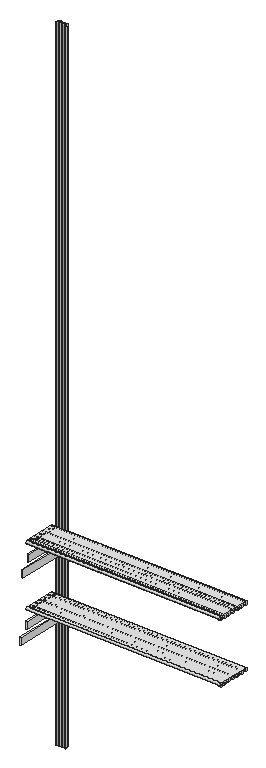
Revit family "Assmbly_SD-Standard_Dbl-Brkt_Rakks", category Specialty Equipment, Revit 2026
Family settings
  Round Connector Dimension = Use Diameter
  Part Type = Normal
  Classification Number = 23.40.50.31.11.14
  Work Plane-Based = No
  Enable Cutting in Views = No
  Always vertical = Yes
  Cut with Voids When Loaded = No
  Maintain Annotation Orientation = No
  Shared = Yes
  Room Calculation Point = No
Parameters
  Warranty Duration (Years) = 0
  Unit Height [instance] = 10' - 0"
  URL = "http://www.rakks.com/"
  Type Comments = "Universal and Aria Brackets may not be used with SQ Standards"
  Test Data = "http://www.rakks.com/pdfs/Rangine_Corporation_Leed_Statement.pdf"
  Pole Type [instance] = Standard-Wall-Mtd-SD_Rakks : Standard-Wall-Mtd-SD_Rakks
  Specification = "http://www.arcat.com/sdspecs/htm/10670rak.htm"
  Shelf Type [instance] = Shelf-SA-06_Rakks : Shelf-SA-06_Rakks
  Shelf Overhang = 0' - 2"
  Shelf Length [instance] = 3' - 0"
  Send Message = "http://www.arcat.com/users.pl?action=UserEmail&company=Rangine%20Corp.%20-%20Rakks&coid=35076&rep=116&fax=781-455-8702&mf="
  Sales Information = "http://store.rakks.com/"
  Revision = "R1_03-2010"
  Product Properties = "http://www.arcat.com/bim/bim_info.pl?fn=Shelving_Rakks"
  Product Data = "http://www.arcat.com/arcatcos/cos35/arc35076.html"
  Ofst8 [instance] = 0' - 2.2083"
  Ofst7 [instance] = 0' - 2 1/2"
  Ofst6 [instance] = 0' - 2 1/4"
  Ofst5 [instance] = 0' - 2.92796"
  Ofst4 [instance] = 0' - 2.59477"
  Ofst3 [instance] = 0' - 3.11079"
  Ofst2 [instance] = 0' - 3"
  Ofst1 [instance] = 0' - 3.04773"
  Model = ""
  Material = Metal - Clear Anodized
  Manufacturer's Notes = "Aluminum Shelves may only be used with rectangular brackets"
  Manufacturer Website = "http://www.rakks.com/"
  Manufacturer Phone - Toll Free = "800-826-6006"
  Manufacturer Phone = "781-455-8700"
  Manufacturer Fax = "781-455-8702"
  Manufacturer Address = "330 Reservoir St., Needham, MA 02494"
  Manufacturer = "Rangine Corp. - Rakks"
  Maintenance Schedule (Months) = 0
  Keynote = "10 56 00"
  Installation-Fabrication = "http://www.rakks.com/literature/install.html"
  Installation Phase = ""
  Ht8 [instance] = 1' - 1"
  Ht7 [instance] = 1' - 1"
  Ht6 [instance] = 0' - 11 15/32"
  Ht5 [instance] = 0' - 10 25/32"
  Ht4 [instance] = 1' - 2"
  Ht3 [instance] = 1' - 4"
  Ht2 [instance] = 0' - 11"
  Ht1 [instance] = 2' - 0 3/4"
  Green Building-LEED = "http://www.arcat.com/green/clients/leed_data_35076.html"
  Expected Lifespan (Years) = 0
  Drawn By = "Robert S. Weygant, CSI, CDT, SCIP"
  Description = ""
  Default Elevation = 0' - 0"
  Copyright = "2010, ARCAT, Inc"
  Construction Details = "http://www.arcat.com/details/rangine/rangine.html?coid=35076"
  Capacity (Weight) = 0.00 lbf
  Building Codes = ""
  Brackets [instance] = 2
  Bracket Type [instance] = Bkt-Rectangular_Rakks : Bkt-Rectangular_Rakks
  Bracket Location = 0' - 0 3/8"
  Assembly Code = "E1010500"
  8Bkt [instance] = Brackets > 7  # no
  7Bkt [instance] = Brackets > 6  # no
  6Bkt [instance] = Brackets > 5  # no
  5Bkt [instance] = Brackets > 4  # no
  4Bkt [instance] = Brackets > 3  # no
  3Bkt [instance] = Brackets > 2  # no
  2Bkt [instance] = Brackets > 1  # yes
Reference planes (in)
  plane 1 "Center (Front/Back)": y = 0
  plane 2: z = 0
  plane 3 "Center (Left/Right)": x = 0
  plane 4: z = 120
  plane 5: y = -0.375
  plane 6: z = 24.75
  plane 7: z = 35.75
  plane 8: z = 51.75
  plane 9: z = 65.75
  plane 10: z = 76.53125
  plane 11: z = 88
  plane 12: x = 34
  plane 13: x = -2
  plane 14: x = 32
  plane 15: y = -0.75
  plane 16: z = 101
  plane 17: z = 114
  plane 18: x = -1.1085
  plane 19: z = 21.70227
  plane 20: z = 32.75
  plane 21: z = 48.63921
  plane 22: z = 63.15523
  plane 23: z = 73.60329
  plane 24: z = 85.75
  plane 25: z = 98.5
  plane 26: z = 111.7917
Dimensions and locks (in)
  "Unit Height": plane 4 to plane 2
  "Bracket Location": plane 5 to plane 1 "Center (Front/Back)"
  "Ht1": plane 6 to plane 2
  "Ht2": plane 7 to plane 6
  "Ht3": plane 8 to plane 7
  "Ht4": plane 9 to plane 8
  "Ht5": plane 10 to plane 9
  "Ht6": plane 11 to plane 10
  "Shelf Overhang": plane 13 to plane 3 "Center (Left/Right)"
  "Shelf Overhang": plane 14 to plane 12
  "Shelf Length": plane 13 to plane 12
  locked: plane 15 to plane 1 "Center (Front/Back)" at 0.75
  "Ht7": plane 16 to plane 11
  "Ht8": plane 17 to plane 16
  "Ofst1": plane 6 to plane 19
  "Ofst2": plane 7 to plane 20
  "Ofst3": plane 8 to plane 21
  "Ofst4": plane 9 to plane 22
  "Ofst5": plane 10 to plane 23
  "Ofst6": plane 11 to plane 24
  "Ofst7": plane 16 to plane 25
  "Ofst8": plane 17 to plane 26
  aligned and locked: plane 3 "Center (Left/Right)" to nested 1
  aligned and locked: nested 1 to plane 1 "Center (Front/Back)"
  aligned and locked: nested 2 to plane 3 "Center (Left/Right)"
  aligned and locked: nested 2 to plane 5
  aligned and locked: plane 6 to nested 2
  aligned and locked: plane 11 to nested 7
  aligned and locked: plane 10 to nested 6
  aligned and locked: plane 9 to nested 5
  aligned and locked: plane 8 to nested 4
  aligned and locked: plane 7 to nested 3
  aligned and locked: nested 8 to plane 15
  aligned and locked: plane 6 to nested 8
  aligned and locked: plane 11 to nested 13
  aligned and locked: plane 10 to nested 12
  aligned and locked: plane 9 to nested 11
  aligned and locked: plane 8 to nested 10
  aligned and locked: plane 7 to nested 9
  aligned and locked: nested 9 to plane 15
  aligned and locked: nested 10 to plane 15
  aligned and locked: nested 11 to plane 15
  aligned and locked: nested 12 to plane 15
  aligned and locked: nested 13 to plane 15
  aligned and locked: plane 13 to nested 13
  aligned and locked: plane 13 to nested 12
  aligned and locked: plane 13 to nested 11
  aligned and locked: plane 13 to nested 10
  aligned and locked: plane 13 to nested 9
  aligned and locked: plane 13 to nested 8
  aligned and locked: plane 16 to nested 14
  aligned and locked: nested 14 to plane 5
  aligned and locked: plane 17 to nested 15
  aligned and locked: nested 15 to plane 5
  aligned and locked: plane 3 "Center (Left/Right)" to nested 5
  aligned and locked: plane 3 "Center (Left/Right)" to nested 6
  aligned and locked: plane 3 "Center (Left/Right)" to nested 7
  aligned and locked: plane 3 "Center (Left/Right)" to nested 4
  aligned and locked: plane 3 "Center (Left/Right)" to nested 3
  aligned and locked: plane 16 to nested 16
  aligned and locked: plane 17 to nested 17
  aligned and locked: plane 13 to nested 17
  aligned and locked: plane 13 to nested 16
  aligned and locked: plane 26 to nested 25
  aligned and locked: plane 25 to nested 24
  aligned and locked: plane 24 to nested 23
  aligned and locked: plane 23 to nested 22
  aligned and locked: plane 22 to nested 21
  aligned and locked: plane 21 to nested 20
  aligned and locked: plane 20 to nested 19
  aligned and locked: plane 19 to nested 18
Nested families (in)
  nested 1: "Standard-Wall-Mtd-SD_Rakks" at (-0.55, 0, 0), type <- "Pole Type", Unit Height <- "Unit Height", type "Standard-Wall-Mtd-SD_Rakks"
    with Unit Height 10' - 0"
  nested 2: "Bkt-Rectangular_Rakks" at (0, -0.375, 24.75), type <- "Bracket Type", type "Bkt-Rectangular_Rakks"
  nested 3: "Bkt-Rectangular_Rakks" at (0, -0.065, 35.75), type <- "Bracket Type", visible <- "2Bkt", type "Bkt-Rectangular_Rakks"
  nested 4: "Bkt-Rectangular_Rakks" at (0, -0.065, 51.75), type <- "Bracket Type", visible <- "3Bkt", type "Bkt-Rectangular_Rakks"
  nested 5: "Bkt-Rectangular_Rakks" at (0, -0.065, 65.75), type <- "Bracket Type", visible <- "4Bkt", type "Bkt-Rectangular_Rakks"
  nested 6: "Bkt-Rectangular_Rakks" at (0, -0.065, 76.53125), type <- "Bracket Type", visible <- "5Bkt", type "Bkt-Rectangular_Rakks"
  nested 7: "Bkt-Rectangular_Rakks" at (0, -0.065, 88), type <- "Bracket Type", visible <- "6Bkt", type "Bkt-Rectangular_Rakks"
  nested 8: "Shelf-SA-06_Rakks" at (16, -0.75, 24.75), Unit Width <- "Shelf Length", type <- "Shelf Type", type "Shelf-SA-06_Rakks"
    with Unit Width 3' - 0"
  nested 9: "Shelf-SA-06_Rakks" at (16, -0.75, 35.75), Unit Width <- "Shelf Length", type <- "Shelf Type", visible <- "2Bkt", type "Shelf-SA-06_Rakks"
    with Unit Width 3' - 0"
  nested 10: "Shelf-SA-06_Rakks" at (16, -0.75, 51.75), Unit Width <- "Shelf Length", type <- "Shelf Type", visible <- "3Bkt", type "Shelf-SA-06_Rakks"
    with Unit Width 3' - 0"
  nested 11: "Shelf-SA-06_Rakks" at (16, -0.75, 65.75), Unit Width <- "Shelf Length", type <- "Shelf Type", visible <- "4Bkt", type "Shelf-SA-06_Rakks"
    with Unit Width 3' - 0"
  nested 12: "Shelf-SA-06_Rakks" at (16, -0.75, 76.53125), Unit Width <- "Shelf Length", type <- "Shelf Type", visible <- "5Bkt", type "Shelf-SA-06_Rakks"
    with Unit Width 3' - 0"
  nested 13: "Shelf-SA-06_Rakks" at (16, -0.75, 88), Unit Width <- "Shelf Length", type <- "Shelf Type", visible <- "6Bkt", type "Shelf-SA-06_Rakks"
    with Unit Width 3' - 0"
  nested 14: "Bkt-Rectangular_Rakks" at (0, -0.375, 101), type <- "Bracket Type", visible <- "7Bkt", type "Bkt-Rectangular_Rakks"
  nested 15: "Bkt-Rectangular_Rakks" at (0, -0.375, 114), type <- "Bracket Type", visible <- "8Bkt", type "Bkt-Rectangular_Rakks"
  nested 16: "Shelf-SA-06_Rakks" at (16, -0.75, 101), Unit Width <- "Shelf Length", type <- "Shelf Type", visible <- "7Bkt", type "Shelf-SA-06_Rakks"
    with Unit Width 3' - 0"
  nested 17: "Shelf-SA-06_Rakks" at (16, -0.75, 114), Unit Width <- "Shelf Length", type <- "Shelf Type", visible <- "8Bkt", type "Shelf-SA-06_Rakks"
    with Unit Width 3' - 0"
  nested 18: "Bkt-Rectangular_Rakks" at (-1.1085, -0.375, 21.70227), type <- "Bracket Type", type "Bkt-Rectangular_Rakks"
  nested 19: "Bkt-Rectangular_Rakks" at (-1.1085, -0.065, 32.75), type <- "Bracket Type", visible <- "2Bkt", type "Bkt-Rectangular_Rakks"
  nested 20: "Bkt-Rectangular_Rakks" at (-1.1085, -0.065, 48.63921), type <- "Bracket Type", visible <- "3Bkt", type "Bkt-Rectangular_Rakks"
  nested 21: "Bkt-Rectangular_Rakks" at (-1.1085, -0.065, 63.15523), type <- "Bracket Type", visible <- "4Bkt", type "Bkt-Rectangular_Rakks"
  nested 22: "Bkt-Rectangular_Rakks" at (-1.1085, -0.065, 73.60329), type <- "Bracket Type", visible <- "5Bkt", type "Bkt-Rectangular_Rakks"
  nested 23: "Bkt-Rectangular_Rakks" at (-1.1085, -0.065, 85.75), type <- "Bracket Type", visible <- "6Bkt", type "Bkt-Rectangular_Rakks"
  nested 24: "Bkt-Rectangular_Rakks" at (-1.1085, -0.375, 98.5), type <- "Bracket Type", visible <- "7Bkt", type "Bkt-Rectangular_Rakks"
  nested 25: "Bkt-Rectangular_Rakks" at (-1.1085, -0.375, 111.7917), type <- "Bracket Type", visible <- "8Bkt", type "Bkt-Rectangular_Rakks"
Definition of nested family "Standard-Wall-Mtd-SD_Rakks"
  Parameters
    Warranty Duration (Years) = 0
    Unit Height [instance] = 8' - 0"
    URL = "http://www.rakks.com/"
    Test Data = "http://www.rakks.com/pdfs/Rangine_Corporation_Leed_Statement.pdf"
    Specification = "http://www.arcat.com/sdspecs/htm/10670rak.htm"
    Send Message = "http://www.arcat.com/users.pl?action=UserEmail&company=Rangine%20Corp.%20-%20Rakks&coid=35076&rep=116&fax=781-455-8702&mf="
    Sales Information = "http://store.rakks.com/"
    Revision = "R1_03-2010"
    Product Properties = "http://www.arcat.com/bim/bim_info.pl?fn=Shelving_Rakks"
    Product Data = "http://www.arcat.com/arcatcos/cos35/arc35076.html"
    Model = ""
    Material = none
    Manufacturer Website = "http://www.rakks.com/"
    Manufacturer Phone - Toll Free = "800-826-6006"
    Manufacturer Phone = "781-455-8700"
    Manufacturer Fax = "781-455-8702"
    Manufacturer Address = "330 Reservoir St., Needham, MA 02494"
    Manufacturer = "Rangine Corp. - Rakks"
    Maintenance Schedule (Months) = 0
    Keynote = "10 56 00"
    Installation-Fabrication = "http://www.rakks.com/literature/install.html"
    Installation Phase = ""
    Green Building-LEED = "http://www.arcat.com/green/clients/leed_data_35076.html"
    Expected Lifespan (Years) = 0
    Drawn By = "Robert S. Weygant, CSI, CDT, SCIP"
    Description = ""
    Default Elevation = 0' - 0"
    Copyright = "2010, ARCAT, Inc"
    Construction Details = "http://www.arcat.com/details/rangine/rangine.html?coid=35076"
    Capacity (Weight) = 0.00 lbf
    Building Codes = ""
    Assembly Code = "E1010500"
  Reference planes (in)
    plane 1 "Center (Front/Back)": y = 0
    plane 2: z = 0
    plane 3 "Center (Left/Right)": x = 0
    plane 4: z = 96
    plane 5: y = -0.528
    plane 6 "Center": x = 0.55
  Forms (in)
    Extrusion 1, solid, material <- "Material"
      sketch origin (0, 0, 0) x (1, 0, 0) y (0, 1, 0)
        loop
          line (0.865, 0) -> (-0.865, 0)
          arc (-0.865, 0) -> (-0.88975, -0.01025) -> (-0.9, -0.035) r 0.035
          line (-0.9, -0.035) -> (-0.9, -0.493)
          arc (-0.9, -0.493) -> (-0.88975, -0.51775) -> (-0.865, -0.528) r 0.035
          line (-0.865, -0.528) -> (-0.74, -0.528)
          arc (-0.74, -0.528) -> (-0.69, -0.478) -> (-0.74, -0.428) r 0.05
          line (-0.74, -0.428) -> (-0.85, -0.428) -> (-0.85, -0.123)
          arc (-0.85, -0.123) -> (-0.83975, -0.09825) -> (-0.815, -0.088) r 0.035
          line (-0.815, -0.088) -> (-0.285, -0.088)
          arc (-0.285, -0.088) -> (-0.26025, -0.09825) -> (-0.25, -0.123) r 0.035
          line (-0.25, -0.123) -> (-0.25, -0.428) -> (-0.36, -0.428)
          arc (-0.36, -0.428) -> (-0.41, -0.478) -> (-0.36, -0.528) r 0.05
          line (-0.36, -0.528) -> (-0.14, -0.528) -> (-0.14, -0.433) -> (-0.2, -0.433) -> (-0.2, -0.15)
          arc (-0.2, -0.15) -> (-0.18184, -0.10616) -> (-0.138, -0.088) r 0.062
          line (-0.138, -0.088) -> (0.138, -0.088)
          arc (0.138, -0.088) -> (0.18184, -0.10616) -> (0.2, -0.15) r 0.062
          line (0.2, -0.15) -> (0.2, -0.433) -> (0.14, -0.433) -> (0.14, -0.528) -> (0.36, -0.528)
          arc (0.36, -0.528) -> (0.41, -0.478) -> (0.36, -0.428) r 0.05
          line (0.36, -0.428) -> (0.25, -0.428) -> (0.25, -0.123)
          arc (0.25, -0.123) -> (0.26025, -0.09825) -> (0.285, -0.088) r 0.035
          line (0.285, -0.088) -> (0.815, -0.088)
          arc (0.815, -0.088) -> (0.83975, -0.09825) -> (0.85, -0.123) r 0.035
          line (0.85, -0.123) -> (0.85, -0.428) -> (0.74, -0.428)
          arc (0.74, -0.428) -> (0.69, -0.478) -> (0.74, -0.528) r 0.05
          line (0.74, -0.528) -> (0.865, -0.528)
          arc (0.865, -0.528) -> (0.88975, -0.51775) -> (0.9, -0.493) r 0.035
          line (0.9, -0.493) -> (0.9, -0.035)
          arc (0.9, -0.035) -> (0.88975, -0.01025) -> (0.865, 0) r 0.035
      from 0 to 96
  Dimensions and locks (in)
    "Unit Height": plane 4 to plane 2
    aligned and locked: Extrusion 1 to plane 4
  Automatic sketch dimensions
    Extrusion 1 sketch curve to plane 1 "Center (Front/Back)" = 0' - 0"
    plane 1 "Center (Front/Back)" to Extrusion 1 sketch curve = 0' - 0.493"
    Extrusion 1 sketch curve to plane 3 "Center (Left/Right)" = 0' - 0.9"
    Extrusion 1 sketch curve to Extrusion 1 sketch curve = 0' - 0.035"  (x6)
    Extrusion 1 sketch curve to Extrusion 1 sketch curve = 0' - 0.015"
    Extrusion 1 sketch curve to Extrusion 1 sketch curve = 0' - 0.11"  (x3)
    Extrusion 1 sketch curve to plane 3 "Center (Left/Right)" = 0' - 0.36"
    plane 1 "Center (Front/Back)" to Extrusion 1 sketch curve = 0' - 0.088"  (x2)
    Extrusion 1 sketch curve to plane 3 "Center (Left/Right)" = 0' - 0.285"
    Extrusion 1 sketch curve to Extrusion 1 sketch curve = 0' - 0.05"  (x7)
    Extrusion 1 sketch curve to Extrusion 1 sketch curve = 0' - 0.06"  (x2)
    Extrusion 1 sketch curve to Extrusion 1 sketch curve = 0' - 0.062"
    plane 3 "Center (Left/Right)" to Extrusion 1 sketch curve = 0' - 0.138"
    plane 3 "Center (Left/Right)" to Extrusion 1 sketch curve = 0' - 0.14"
    Extrusion 1 sketch curve to Extrusion 1 sketch curve = 0' - 0.38"
    plane 1 "Center (Front/Back)" to Extrusion 1 sketch curve = 0' - 0.123"
    Extrusion 1 sketch curve to Extrusion 1 sketch curve = 0' - 0.075"
    plane 1 "Center (Front/Back)" to Extrusion 1 sketch curve = 0' - 0.035"
    Extrusion 1 sketch curve to Extrusion 1 sketch curve = 0' - 0.378"
    Extrusion 1 sketch curve to Extrusion 1 sketch curve = 0' - 0"  (x2)
    Extrusion 1 sketch curve to Extrusion 1 sketch curve = 0' - 0.095"  (x2)
Definition of nested family "Bkt-Rectangular_Rakks"
  Parameters
    Warranty Duration (Years) = 0
    Unit Depth = 0' - 8 3/4"
    URL = "http://www.rakks.com/"
    Test Data = "http://www.rakks.com/pdfs/Rangine_Corporation_Leed_Statement.pdf"
    Specification = "http://www.arcat.com/sdspecs/htm/10670rak.htm"
    Send Message = "http://www.arcat.com/users.pl?action=UserEmail&company=Rangine%20Corp.%20-%20Rakks&coid=35076&rep=116&fax=781-455-8702&mf="
    Sales Information = "http://store.rakks.com/"
    Default Elevation = 0' - 0"
    Bracket Thickness = 0' - 0 1/4"
    Bracket Depth = 0' - 1 1/4"
    Revision = "R1_03-2010"
    Product Properties = "http://www.arcat.com/bim/bim_info.pl?fn=Shelving_Rakks"
    Product Data = "http://www.arcat.com/arcatcos/cos35/arc35076.html"
    Model = ""
    Material = none
    Manufacturer Website = "http://www.rakks.com/"
    Manufacturer Phone - Toll Free = "800-826-6006"
    Manufacturer Phone = "781-455-8700"
    Manufacturer Fax = "781-455-8702"
    Manufacturer Address = "330 Reservoir St., Needham, MA 02494"
    Manufacturer = "Rangine Corp. - Rakks"
    Maintenance Schedule (Months) = 0
    Keynote = "10 56 00"
    Installation-Fabrication = "http://www.rakks.com/literature/install.html"
    Installation Phase = ""
    Green Building-LEED = "http://www.arcat.com/green/clients/leed_data_35076.html"
    Expected Lifespan (Years) = 0
    Drawn By = "Robert S. Weygant, CSI, CDT, SCIP"
    Description = ""
    Copyright = "2010, ARCAT, Inc"
    Construction Details = "http://www.arcat.com/details/rangine/rangine.html?coid=35076"
    Capacity (Weight) = 0.00 lbf
    Building Codes = ""
    Assembly Code = "E1010500"
  Reference planes (in)
    plane 1 "Back": y = 0
    plane 2: z = 0
    plane 3 "Center (Left/Right)": x = 0
    plane 4: y = -8.75
    plane 5: z = -1.25
    plane 6: x = -0.125
    plane 7: x = 0.125
    plane 8 "Mounting Face": y = -0.75
  Forms (in)
    Extrusion 1, solid, material <- "Material"
      sketch origin (0, 0, -0.5821) x (0, 1, 0) y (0, 0, 1)
        loop
          line (-8.75, -0.6679) -> (0, -0.6679) -> (0, 0.3321) -> (-0.25, 0.5821) -> (-8.75, 0.5821) -> (-8.75, -0.6679)
      from -0.125 to 0.125
  Dimensions and locks (in)
    "Unit Depth": plane 1 "Back" to plane 4
    "Bracket Depth": level to plane 5
    equal spacing: plane 7, plane 3 "Center (Left/Right)", plane 6
    "Bracket Thickness": plane 7 to plane 6
    aligned and locked: Extrusion 1 to plane 6
    aligned and locked: plane 7 to Extrusion 1
  Automatic sketch dimensions
    Extrusion 1 sketch curve to plane 4 = 0' - 0"
    Extrusion 1 sketch curve to level = 0' - 0"
    Extrusion 1 sketch curve to plane 1 "Back" = 0' - 0"
    Extrusion 1 sketch curve to plane 5 = 0' - 0"
    plane 1 "Back" to Extrusion 1 sketch curve = 0' - 0 1/4"
    Extrusion 1 sketch curve to level = 0' - 0 1/4"
Definition of nested family "Shelf-SA-06_Rakks"
  Parameters
    Warranty Duration (Years) = 0
    Unit Width [instance] = 4' - 0"
    Unit Depth = 0' - 6"
    URL = "http://www.rakks.com/"
    Test Data = "http://www.rakks.com/pdfs/Rangine_Corporation_Leed_Statement.pdf"
    Specification = "http://www.arcat.com/sdspecs/htm/10670rak.htm"
    Send Message = "http://www.arcat.com/users.pl?action=UserEmail&company=Rangine%20Corp.%20-%20Rakks&coid=35076&rep=116&fax=781-455-8702&mf="
    Sales Information = "http://store.rakks.com/"
    Revision = "R1_03-2010"
    Product Properties = "http://www.arcat.com/bim/bim_info.pl?fn=Shelving_Rakks"
    Product Data = "http://www.arcat.com/arcatcos/cos35/arc35076.html"
    Model = ""
    Material = none
    Manufacturer Website = "http://www.rakks.com/"
    Manufacturer Phone - Toll Free = "800-826-6006"
    Manufacturer Phone = "781-455-8700"
    Manufacturer Fax = "781-455-8702"
    Manufacturer Address = "330 Reservoir St., Needham, MA 02494"
    Manufacturer = "Rangine Corp. - Rakks"
    Maintenance Schedule (Months) = 0
    Keynote = "10 56 00"
    Installation-Fabrication = "http://www.rakks.com/literature/install.html"
    Installation Phase = ""
    Green Building-LEED = "http://www.arcat.com/green/clients/leed_data_35076.html"
    Expected Lifespan (Years) = 0
    Drawn By = "Robert S. Weygant, CSI, CDT, SCIP"
    Description = ""
    Default Elevation = 0' - 0"
    Copyright = "2010, ARCAT, Inc"
    Construction Details = "http://www.arcat.com/details/rangine/rangine.html?coid=35076"
    Capacity (Weight) = 0.00 lbf
    Building Codes = ""
    Assembly Code = "E1010500"
  Reference planes (in)
    plane 1 "Back": y = 0
    plane 2: z = 0
    plane 3 "Center (Left/Right)": x = 0
    plane 4: x = -24
    plane 5: x = 24
  Forms (in)
    Extrusion 1, solid, material <- "Material"
      sketch origin (0, 0, 0) x (0, 1, 0) y (0, 0, 1)
        loop
          line (-2.85276, 0.505) -> (-2.08045, 0.505)
          arc (-2.08045, 0.505) -> (-2.00428, 0.26603) -> (-2.06375, 0.02237) r 0.4635
          arc (-2.06375, 0.02237) -> (-2.06363, 0.00743) -> (-2.05068, 0) r 0.015
          line (-2.05068, 0) -> (-1.89732, 0)
          arc (-1.89732, 0) -> (-1.88437, 0.00743) -> (-1.88425, 0.02237) r 0.015
          arc (-1.88425, 0.02237) -> (-1.94372, 0.26603) -> (-1.86755, 0.505) r 0.4635
          line (-1.86755, 0.505) -> (-1.09345, 0.505)
          arc (-1.09345, 0.505) -> (-1.01728, 0.26603) -> (-1.07675, 0.02237) r 0.4635
          arc (-1.07675, 0.02237) -> (-1.07663, 0.00743) -> (-1.06368, 0) r 0.015
          line (-1.06368, 0) -> (-0.91032, 0)
          arc (-0.91032, 0) -> (-0.89737, 0.00743) -> (-0.89725, 0.02237) r 0.015
          arc (-0.89725, 0.02237) -> (-0.95672, 0.26603) -> (-0.88055, 0.505) r 0.4635
          line (-0.88055, 0.505) -> (-0.12645, 0.505)
          arc (-0.12645, 0.505) -> (-0.05028, 0.26603) -> (-0.10975, 0.02237) r 0.4635
          arc (-0.10975, 0.02237) -> (-0.10963, 0.00743) -> (-0.09668, 0) r 0.015
          line (-0.09668, 0) -> (0, 0) -> (0, 0.5821) -> (-5.66274, 0.5821) -> (-5.68484, 0.56) -> (-5.71984, 0.56)
          arc (-5.71984, 0.56) -> (-5.99942, 0.29527) -> (-5.75033, 0.00167) r 0.28
          arc (-5.75033, 0.00167) -> (-5.72, 0.02601) -> (-5.74434, 0.05634) r 0.0275
          arc (-5.74434, 0.05634) -> (-5.9445, 0.29227) -> (-5.71984, 0.505) r 0.225
          line (-5.71984, 0.505) -> (-5.04324, 0.505)
          arc (-5.04324, 0.505) -> (-4.96534, 0.26495) -> (-5.02475, 0.01967) r 0.4635
          arc (-5.02475, 0.01967) -> (-5.02463, 0.00474) -> (-5.01168, -0.00269) r 0.015
          line (-5.01168, -0.00269) -> (-4.85832, -0.00269)
          arc (-4.85832, -0.00269) -> (-4.84537, 0.00474) -> (-4.84525, 0.01967) r 0.015
          arc (-4.84525, 0.01967) -> (-4.90466, 0.26495) -> (-4.82676, 0.505) r 0.4635
          line (-4.82676, 0.505) -> (-4.05624, 0.505)
          arc (-4.05624, 0.505) -> (-3.97834, 0.26495) -> (-4.03775, 0.01967) r 0.4635
          arc (-4.03775, 0.01967) -> (-4.03763, 0.00474) -> (-4.02468, -0.00269) r 0.015
          line (-4.02468, -0.00269) -> (-3.87132, -0.00269)
          arc (-3.87132, -0.00269) -> (-3.85837, 0.00474) -> (-3.85825, 0.01967) r 0.015
          arc (-3.85825, 0.01967) -> (-3.91766, 0.26495) -> (-3.83976, 0.505) r 0.4635
          line (-3.83976, 0.505) -> (-3.06924, 0.505)
          arc (-3.06924, 0.505) -> (-2.99134, 0.26495) -> (-3.05075, 0.01967) r 0.4635
          arc (-3.05075, 0.01967) -> (-3.05063, 0.00474) -> (-3.03768, -0.00269) r 0.015
          line (-3.03768, -0.00269) -> (-2.88432, -0.00269)
          arc (-2.88432, -0.00269) -> (-2.87137, 0.00474) -> (-2.87125, 0.01967) r 0.015
          arc (-2.87125, 0.01967) -> (-2.93066, 0.26495) -> (-2.85276, 0.505) r 0.4635
      from -24 to 24
  Dimensions and locks (in)
    equal spacing: plane 4, plane 3 "Center (Left/Right)", plane 5
    "Unit Width": plane 4 to plane 5
    aligned and locked: Extrusion 1 to plane 4
    aligned and locked: plane 5 to Extrusion 1
  Automatic sketch dimensions
    Extrusion 1 sketch curve to Extrusion 1 sketch curve = 0' - 0"  (x27)
    Extrusion 1 sketch curve to plane 1 "Back" = 0' - 0"
    level to Extrusion 1 sketch curve = 0' - 0.015"
    plane 1 "Back" to Extrusion 1 sketch curve = 0' - 0.09668"
    Extrusion 1 sketch curve to Extrusion 1 sketch curve = 0' - 0.01307"  (x10)
    plane 1 "Back" to Extrusion 1 sketch curve = 0' - 0.12645"
    Extrusion 1 sketch curve to Extrusion 1 sketch curve = 0' - 0.38375"  (x2)
    Extrusion 1 sketch curve to Extrusion 1 sketch curve = 0' - 0.02"
    Extrusion 1 sketch curve to Extrusion 1 sketch curve = 0' - 0.36705"
    level to Extrusion 1 sketch curve = 0' - 0.02237"  (x2)
    Extrusion 1 sketch curve to Extrusion 1 sketch curve = 0' - 0.15336"  (x5)
    Extrusion 1 sketch curve to Extrusion 1 sketch curve = 0' - 0.2129"  (x2)
    level to Extrusion 1 sketch curve = 0' - 0 1/4"
    Extrusion 1 sketch curve to Extrusion 1 sketch curve = 0' - 0.40375"  (x2)
    Extrusion 1 sketch curve to Extrusion 1 sketch curve = 0' - 0.38705"  (x2)
    Extrusion 1 sketch curve to Extrusion 1 sketch curve = 0' - 0.38526"  (x2)
    level to Extrusion 1 sketch curve = 0' - 0.5821"
    level to Extrusion 1 sketch curve = 0' - 0.56"
    Extrusion 1 sketch curve to Extrusion 1 sketch curve = 0' - 0.0221"
    Extrusion 1 sketch curve to Extrusion 1 sketch curve = 0' - 0.0245"
    Extrusion 1 sketch curve to Extrusion 1 sketch curve = 0' - 0.003"
    Extrusion 1 sketch curve to Extrusion 1 sketch curve = 0' - 0.21648"  (x2)
    Extrusion 1 sketch curve to Extrusion 1 sketch curve = 0' - 0.035"
    Extrusion 1 sketch curve to Extrusion 1 sketch curve = 0' - 0.015"  (x4)
    Extrusion 1 sketch curve to Extrusion 1 sketch curve = 0' - 0.23033"
    Extrusion 1 sketch curve to Extrusion 1 sketch curve = 0' - 0.00269"
    Extrusion 1 sketch curve to Extrusion 1 sketch curve = 0' - 0.00737"  (x3)
    level to Extrusion 1 sketch curve = 0' - 0.505"  (x3)
    level to Extrusion 1 sketch curve = 0' - 0.24731"
    Extrusion 1 sketch curve to Extrusion 1 sketch curve = 0' - 0.29134"
    Extrusion 1 sketch curve to Extrusion 1 sketch curve = 0' - 0.24564"
